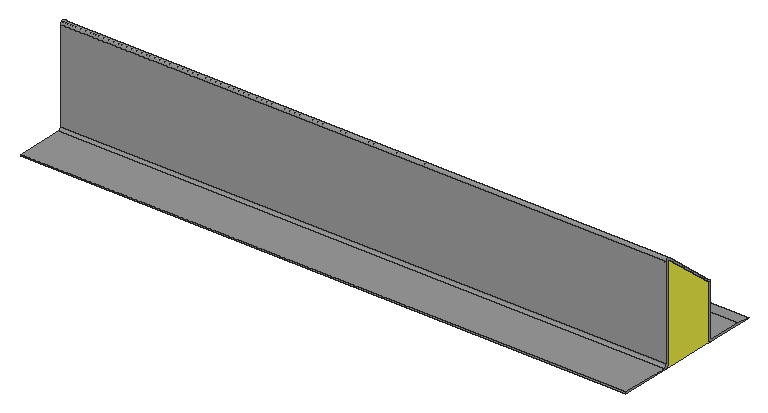
Revit family "HDK 110", category Generic Models, Revit 2014
Parameters (values of type "Max lintel length 4000mm")
  URL = "http://www.keystonelintels.co.uk"
  Structural Opening [instance] = 900 mm
  Structural Performance = "The Keystone lintel range has safe working loads as detailed in each applicable loading table in the Keystone Lintel Guide brochure. The structural performance figures within each table have been ascertained by testing in accordance with the requirements of standards BS EN 5977-2: 1983 and BS EN 845-2: 2003."
  RIBA Productor Selector = "available for Keystone Lintels Ltd from Keystone Lintels Ltd from ribaproductselector.com"
  Model = "HD/K 110"
  Min Length = 600 mm
  Min Clear Span = 300 mm
  Max Length = 4000 mm
  Max Clear Span = 4000 mm
  Material - Stainless Steel = "Grade 304 2b 1.4307 to BS EN 10088-2. Other grades available on request: contact manufacturer."
  Material - Galvanised Steel = "To BS EN 10346: 2009. DX51D plus Z600 or grade Z275 to BS 5977-2: 1983 (BS EN 845-2: 2003)."
  Manufacturer = "Keystone"
  Manufactured Length [instance] = (roundup(Effective Length / 150 mm) * 150 mm)  # 1200 mm
  Lintel height [instance] = 2100 mm
  Keynote = "F30/755"
  Fire Performance = "Keystone lintels have been subjected to a fire test (WARRES No. 101263) in accordance with BS 476-20: 1987, at Exova Warrington Fire and achieved a one hour fire performance."
  End Bearing = 150 mm
  Effective Length [instance] = Clear Opening with MIN MAX set + End Bearing * 2  # 1200 mm
  Corrosion = "Keystone’s standard range of lintels are manufactured from high quality grade pre-galvanized carbon steel with a zinc coating of 600"
  Contact Tel = "+44 (0)28 8676 2184"
  Contact Email = "info@keystonelintels.co.uk"
  Clear Opening with MIN MAX set [instance] = if(Structural Opening < Min Clear Span, Min Clear Span, (if(Structural Opening > Max Clear Span, Max Clear Span, Structural Opening)))  # 900 mm
  CPD Information = "Available for Keystone Lintels Ltd from ribacpd.com"
Reference planes
  plane 1 "Center (Front/Back)": y = 0
  plane 2: z = 0
  plane 3 "Center (Left/Right)": x = 0
  plane 4: x = -600
  plane 5: x = 600
  plane 6: z = 2100
  plane 7: x = -450
  plane 8: x = 450
Forms (mm)
  Extrusion 1, solid, material "Steel"
    sketch origin (0, 713.271, -513.241) x (0, 1, 0) y (0, 0, 1)
      loop
        line (-565.486, 2615.576) -> (-590.486, 2616.441) -> (-655.486, 2616.441)
        arc (-655.486, 2616.441) -> (-659.022, 2617.906) -> (-660.486, 2621.441) r 5
        line (-660.486, 2621.441) -> (-660.486, 2721.165)
        arc (-660.486, 2721.165) -> (-660.974, 2723.363) -> (-662.345, 2725.149) r 5.2
        line (-662.345, 2725.149) -> (-760.307, 2807.303)
        arc (-760.307, 2807.303) -> (-765.689, 2807.653) -> (-768.486, 2803.041) r 5.2
        line (-768.486, 2803.041) -> (-768.486, 2621.441)
        arc (-768.486, 2621.441) -> (-769.951, 2617.906) -> (-773.486, 2616.441) r 5
        line (-773.486, 2616.441) -> (-868.486, 2616.441) -> (-868.486, 2613.241) -> (-773.486, 2613.241)
        arc (-773.486, 2613.241) -> (-767.688, 2615.643) -> (-765.286, 2621.441) r 8.2
        line (-765.286, 2621.441) -> (-765.286, 2803.041)
        arc (-765.286, 2803.041) -> (-764.21, 2804.815) -> (-762.14, 2804.68) r 2
        line (-762.14, 2804.68) -> (-664.401, 2722.697)
        arc (-664.401, 2722.697) -> (-663.874, 2722.01) -> (-663.686, 2721.165) r 2
        line (-663.686, 2721.165) -> (-663.686, 2621.441)
        arc (-663.686, 2621.441) -> (-661.284, 2615.643) -> (-655.486, 2613.241) r 8.2
        line (-655.486, 2613.241) -> (-590.542, 2613.241) -> (-565.597, 2612.378) -> (-565.486, 2615.576)
    from -600 to 600
  Extrusion 2, solid, material "Insulation"
    sketch origin (0, 713.271, -513.241) x (0, 1, 0) y (0, 0, 1)
      loop
        line (-663.686, 2621.441) -> (-663.686, 2721.165)
        arc (-663.686, 2721.165) -> (-663.874, 2722.01) -> (-664.401, 2722.697) r 2
        line (-664.401, 2722.697) -> (-762.14, 2804.68)
        arc (-762.14, 2804.68) -> (-764.21, 2804.815) -> (-765.286, 2803.041) r 2
        line (-765.286, 2803.041) -> (-765.286, 2621.441)
        arc (-765.286, 2621.441) -> (-767.688, 2615.643) -> (-773.486, 2613.241) r 8.2
        line (-773.486, 2613.241) -> (-664.986, 2613.241) -> (-664.986, 2621.241) -> (-663.986, 2621.241) -> (-663.986, 2613.241) -> (-655.486, 2613.241)
        arc (-655.486, 2613.241) -> (-661.284, 2615.643) -> (-663.686, 2621.441) r 8.2
    from -600 to 600
  Extrusion 3, solid, material "Steel"
    sketch origin (0, 713.271, -513.241) x (0, 1, 0) y (0, 0, 1)
      loop
        line (-646.986, 2613.241) -> (-663.986, 2613.241) -> (-663.986, 2621.241) -> (-664.986, 2621.241) -> (-664.986, 2613.241) -> (-776.986, 2613.241) -> (-776.986, 2612.241) -> (-646.986, 2612.241) -> (-646.986, 2613.241)
    from -600 to 525
  Extrusion 4, solid, not visible
    sketch origin (0, 914.714, 1234.928) x (0, 1, 0) y (0, 0, 1)
      loop
        line (-565.486, 1015.576) -> (-590.486, 1016.441) -> (-655.486, 1016.441)
        arc (-655.486, 1016.441) -> (-659.022, 1017.906) -> (-660.486, 1021.441) r 5
        line (-660.486, 1021.441) -> (-660.486, 1121.165)
        arc (-660.486, 1121.165) -> (-660.974, 1123.363) -> (-662.345, 1125.149) r 5.2
        line (-662.345, 1125.149) -> (-760.307, 1207.303)
        arc (-760.307, 1207.303) -> (-765.689, 1207.653) -> (-768.486, 1203.041) r 5.2
        line (-768.486, 1203.041) -> (-768.486, 1021.441)
        arc (-768.486, 1021.441) -> (-769.951, 1017.906) -> (-773.486, 1016.441) r 5
        line (-773.486, 1016.441) -> (-868.486, 1016.441) -> (-868.486, 1013.241) -> (-773.486, 1013.241)
        arc (-773.486, 1013.241) -> (-767.688, 1015.643) -> (-765.286, 1021.441) r 8.2
        line (-765.286, 1021.441) -> (-765.286, 1203.041)
        arc (-765.286, 1203.041) -> (-764.21, 1204.815) -> (-762.14, 1204.68) r 2
        line (-762.14, 1204.68) -> (-664.401, 1122.697)
        arc (-664.401, 1122.697) -> (-663.874, 1122.01) -> (-663.686, 1121.165) r 2
        line (-663.686, 1121.165) -> (-663.686, 1021.441)
        arc (-663.686, 1021.441) -> (-661.284, 1015.643) -> (-655.486, 1013.241) r 8.2
        line (-655.486, 1013.241) -> (-590.542, 1013.241) -> (-565.597, 1012.378) -> (-565.486, 1015.576)
    from 0 to 250
  Extrusion 5, solid, not visible
    sketch origin (0, 544.137, 1189.163) x (0, 1, 0) y (0, 0, 1)
      loop
        line (-663.686, 1021.441) -> (-663.686, 1121.165)
        arc (-663.686, 1121.165) -> (-663.874, 1122.01) -> (-664.401, 1122.697) r 2
        line (-664.401, 1122.697) -> (-762.14, 1204.68)
        arc (-762.14, 1204.68) -> (-764.21, 1204.815) -> (-765.286, 1203.041) r 2
        line (-765.286, 1203.041) -> (-765.286, 1021.441)
        arc (-765.286, 1021.441) -> (-767.688, 1015.643) -> (-773.486, 1013.241) r 8.2
        line (-773.486, 1013.241) -> (-664.986, 1013.241) -> (-664.986, 1021.241) -> (-663.986, 1021.241) -> (-663.986, 1013.241) -> (-655.486, 1013.241)
        arc (-655.486, 1013.241) -> (-661.284, 1015.643) -> (-663.686, 1021.441) r 8.2
    from 0 to 250
  Extrusion 6, solid, not visible
    sketch origin (0, 523.587, 997.376) x (0, 1, 0) y (0, 0, 1)
      loop
        line (-646.986, 1013.241) -> (-663.986, 1013.241) -> (-663.986, 1021.241) -> (-664.986, 1021.241) -> (-664.986, 1013.241) -> (-776.986, 1013.241) -> (-776.986, 1012.241) -> (-646.986, 1012.241) -> (-646.986, 1013.241)
    from 0 to 250
Dimensions and locks
  equal spacing: plane 4, plane 3 "Center (Left/Right)", plane 5
  "Manufactured Length": plane 4 to plane 5
  "Lintel height": plane 6 to level
  "Structural Opening": plane 7 to plane 8
  equal spacing: plane 7, plane 3 "Center (Left/Right)", plane 8
  aligned and locked: level to plane 2
  aligned and locked: Extrusion 1 to plane 6
  aligned and locked: Extrusion 2 to plane 6
  aligned and locked: plane 6 to Extrusion 3
  aligned and locked: plane 5 to Extrusion 1
  aligned and locked: Extrusion 1 to plane 4
  aligned and locked: plane 5 to Extrusion 2
  aligned and locked: Extrusion 2 to plane 4
  aligned and locked: Extrusion 3 to plane 4
Automatic sketch dimensions
  Extrusion 1 sketch curve to Extrusion 1 sketch curve = 0.111 mm
  Extrusion 1 sketch curve to Extrusion 1 sketch curve = 25 mm
  Extrusion 1 sketch curve to Extrusion 1 sketch curve = 3.198 mm
  Extrusion 1 sketch curve to Extrusion 1 sketch curve = 0.055 mm
  Extrusion 1 sketch curve to Extrusion 1 sketch curve = 64.945 mm
  Extrusion 1 sketch curve to Extrusion 1 sketch curve = 0 mm  (x17)
  Extrusion 1 sketch curve to Extrusion 1 sketch curve = 5 mm  (x2)
  Extrusion 1 sketch curve to Extrusion 1 sketch curve = 99.724 mm
  Extrusion 1 sketch curve to Extrusion 1 sketch curve = 2 mm
  Extrusion 1 sketch curve to Extrusion 1 sketch curve = 0.715 mm
  Extrusion 1 sketch curve to Extrusion 1 sketch curve = 2.056 mm
  Extrusion 1 sketch curve to Extrusion 1 sketch curve = 97.962 mm
  Extrusion 1 sketch curve to Extrusion 1 sketch curve = 82.154 mm
  Extrusion 1 sketch curve to Extrusion 1 sketch curve = 1.834 mm
  Extrusion 1 sketch curve to Extrusion 1 sketch curve = 2.623 mm
  Extrusion 1 sketch curve to Extrusion 1 sketch curve = 1.146 mm
  Extrusion 1 sketch curve to Extrusion 1 sketch curve = 1.639 mm
  Extrusion 1 sketch curve to Extrusion 1 sketch curve = 95 mm
  Extrusion 2 sketch curve to Extrusion 2 sketch curve = 2 mm
  Extrusion 2 sketch curve to Extrusion 2 sketch curve = 1.146 mm
  Extrusion 2 sketch curve to Extrusion 2 sketch curve = 97.6 mm
  Extrusion 2 sketch curve to Extrusion 2 sketch curve = 100.3 mm
  Extrusion 2 sketch curve to Extrusion 2 sketch curve = 1.285 mm
  Extrusion 2 sketch curve to Extrusion 2 sketch curve = 1 mm
  Extrusion 2 sketch curve to Extrusion 2 sketch curve = 0.3 mm
  Extrusion 2 sketch curve to Extrusion 2 sketch curve = 8.2 mm  (x2)
  Extrusion 2 sketch curve to Extrusion 2 sketch curve = 0 mm
  Extrusion 2 sketch curve to Extrusion 2 sketch curve = 0.2 mm
  Extrusion 2 sketch curve to Extrusion 2 sketch curve = 99.724 mm
  Extrusion 2 sketch curve to Extrusion 2 sketch curve = 81.876 mm
  Extrusion 3 sketch curve to Extrusion 3 sketch curve = 17 mm
  Extrusion 3 sketch curve to Extrusion 3 sketch curve = 8 mm
  Extrusion 3 sketch curve to Extrusion 3 sketch curve = 1 mm  (x2)
  Extrusion 3 sketch curve to Extrusion 3 sketch curve = 0 mm
  Extrusion 3 sketch curve to Extrusion 3 sketch curve = 112 mm
  Extrusion 4 sketch curve to Extrusion 4 sketch curve = 0.111 mm
  Extrusion 4 sketch curve to Extrusion 4 sketch curve = 25 mm
  Extrusion 4 sketch curve to Extrusion 4 sketch curve = 3.198 mm
  Extrusion 4 sketch curve to Extrusion 4 sketch curve = 0.055 mm
  Extrusion 4 sketch curve to Extrusion 4 sketch curve = 64.945 mm
  Extrusion 4 sketch curve to Extrusion 4 sketch curve = 0 mm  (x17)
  Extrusion 4 sketch curve to Extrusion 4 sketch curve = 5 mm  (x2)
  Extrusion 4 sketch curve to Extrusion 4 sketch curve = 99.724 mm
  Extrusion 4 sketch curve to Extrusion 4 sketch curve = 2 mm
  Extrusion 4 sketch curve to Extrusion 4 sketch curve = 0.715 mm
  Extrusion 4 sketch curve to Extrusion 4 sketch curve = 2.056 mm
  Extrusion 4 sketch curve to Extrusion 4 sketch curve = 97.962 mm
  Extrusion 4 sketch curve to Extrusion 4 sketch curve = 82.154 mm
  Extrusion 4 sketch curve to Extrusion 4 sketch curve = 1.834 mm
  Extrusion 4 sketch curve to Extrusion 4 sketch curve = 2.623 mm
  Extrusion 4 sketch curve to Extrusion 4 sketch curve = 1.146 mm
  Extrusion 4 sketch curve to Extrusion 4 sketch curve = 1.639 mm
  Extrusion 4 sketch curve to Extrusion 4 sketch curve = 95 mm
  Extrusion 5 sketch curve to Extrusion 5 sketch curve = 2 mm
  Extrusion 5 sketch curve to Extrusion 5 sketch curve = 1.146 mm
  Extrusion 5 sketch curve to Extrusion 5 sketch curve = 97.6 mm
  Extrusion 5 sketch curve to Extrusion 5 sketch curve = 100.3 mm
  Extrusion 5 sketch curve to Extrusion 5 sketch curve = 1.285 mm
  Extrusion 5 sketch curve to Extrusion 5 sketch curve = 1 mm
  Extrusion 5 sketch curve to Extrusion 5 sketch curve = 0.3 mm
  Extrusion 5 sketch curve to Extrusion 5 sketch curve = 8.2 mm  (x2)
  Extrusion 5 sketch curve to Extrusion 5 sketch curve = 0 mm
  Extrusion 5 sketch curve to Extrusion 5 sketch curve = 0.2 mm
  Extrusion 5 sketch curve to Extrusion 5 sketch curve = 99.724 mm
  Extrusion 5 sketch curve to Extrusion 5 sketch curve = 81.876 mm
  Extrusion 6 sketch curve to Extrusion 6 sketch curve = 17 mm
  Extrusion 6 sketch curve to Extrusion 6 sketch curve = 8 mm
  Extrusion 6 sketch curve to Extrusion 6 sketch curve = 1 mm  (x2)
  Extrusion 6 sketch curve to Extrusion 6 sketch curve = 0 mm
  Extrusion 6 sketch curve to Extrusion 6 sketch curve = 112 mm
  Extrusion 2 sketch curve to plane 6 = 0 mm
  plane 1 "Center (Front/Back)" to Extrusion 2 sketch curve = 60.216 mm
  Extrusion 1 sketch curve to plane 6 = 0 mm
  plane 1 "Center (Front/Back)" to Extrusion 1 sketch curve = 155.216 mm
  Extrusion 3 sketch curve to plane 6 = 0 mm
  plane 1 "Center (Front/Back)" to Extrusion 3 sketch curve = 63.716 mm
